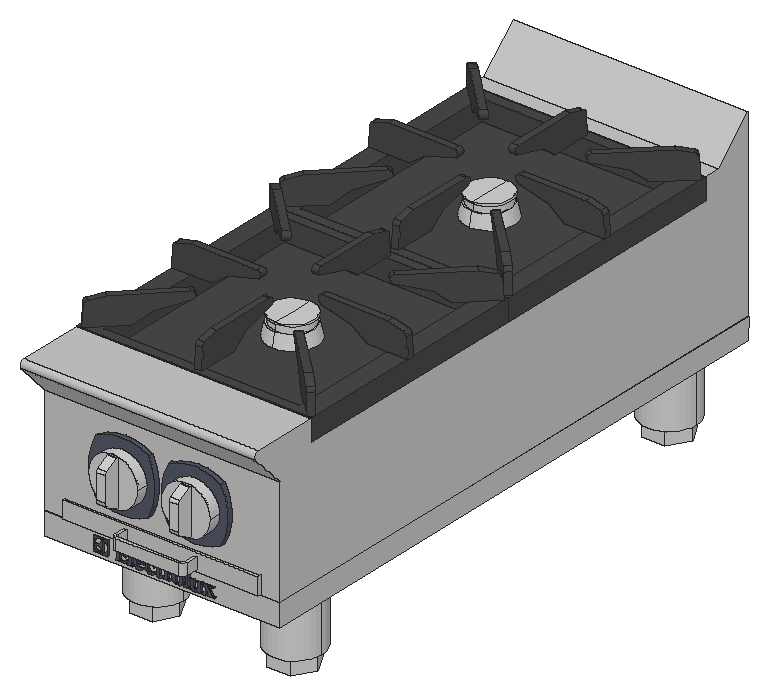
Revit family "QF_ELECTROLUXPROFESSIONAL_169130_ACG12T", category Specialty Equipment, Revit 2018
Family settings
  Round Connector Dimension = Use Diameter
  Part Type = Normal
  Work Plane-Based = No
  Always vertical = Yes
  Cut with Voids When Loaded = No
  Shared = Yes
  Room Calculation Point = No
Parameters
  Weight = "66 lbs."
  Watts = 0 W
  URL Manufacturer = "www.electrolux.com/foodservice"
  URL Cutsheet = "www.electrolux.com/foodservice"
  URL = "www.electrolux.com/foodservice"
  Type Mark [instance] = ""
  Type Comments = ""
  Status [instance] = ""
  Specification by User [instance] = ""
  Specification by Manufacturer = ""
  Show Logo [instance] = yes
  Show Clearance [instance] = yes
  Serial Number = ""
  Seismic Rating = ""
  SMACNA No = ""
  Revision Code [instance] = ""
  Omniclass Number and Title = ""
  NAFEM Spec ID Number = ""
  Model = "AGC12T"
  Mechanical Remarks [instance] = ""
  Mechanical Connection Type [instance] = ""
  MasterSpec. = ""
  Manufacturer = "ELECTROLUX"
  Item Number [instance] = ""
  Installed By [instance] = ""
  Identify Quantity as Lot [instance] = yes
  HP = "0 HP"
  Gas Size = 3/4"
  Gas RI Height [instance] = 0"
  Gas RI Connection Height [instance] = 7 9/16"
  Gas KW = 19
  Gas Input = 65000.0 Btu/h
  Furnished By [instance] = ""
  Foodservice Equipment Identifier [instance] = yes
  Direct Waste Size = 0"
  Description = "2 Open Gas Burner Top 12\" with Thermocouples"
  CSI MasterFormat = ""
  CSI Master Format = ""
Reference planes (in)
  plane 1 "BACK": y = 0
  plane 2: z = 0
  plane 3 "LEFT": x = 0
  plane 4 "RIGHT": x = 12.00787
  plane 5 "FRONT": y = -31.49658
  plane 6 "TOP": z = 14.625
  plane 7: x = 6
Forms (in)
  Extrusion 1, solid, material "QF_Finishes_Stainless Steel"
    sketch origin (0, 0, 0) x (0, 1, 0) y (0, 0, 1)
      loop
        arc (-31.25479, 12.8739) -> (-31.47376, 12.73038) -> (-31.42952, 12.47232) r 0.23881
        line (-31.42952, 12.47232) -> (-29.92264, 10.85467) -> (-29.92264, 5.3439) -> (0, 5.3439) -> (0, 14.64456) -> (-1.88863, 12.87587) -> (-2.73705, 12.87587) -> (-2.73705, 11.78131) -> (-27.90975, 11.78131) -> (-27.90964, 12.8739) -> (-31.25479, 12.8739)
      loop
        line (-29.92264, 5.30453) -> (-29.92264, 4.1875) -> (0, 4.1875) -> (0, 5.28228) -> (-29.92264, 5.30453)
    from 0 to 12
  Extrusion 2, solid, material "QF_Finishes_Handrails and Railings"
    sketch origin (0, -0.11377, 0) x (1, 0, 0) y (0, 1, 0)
      loop
        line (3.07085, -24.73494) -> (1.88975, -24.73494) -> (1.2992, -25.75781) -> (1.88975, -26.78067) -> (3.07085, -26.78067) -> (3.6614, -25.75781) -> (3.07085, -24.73494)
    from 0 to 0.78729
  Revolve 3, solid, material "QF_Finishes_Handrails and Railings"
    sketch origin (0, -25.87158, 0) x (1, 0, 0) y (0, 0, 1)
      loop
        line (2.4803, 0.78729) -> (2.4803, 4.1875) -> (1.10235, 4.1875) -> (1.10235, 0.78729) -> (2.4803, 0.78729)
      axis (2.4803, 4.1875) -> (2.4803, 0.78729)
    angle from 0 to 360
  Extrusion 4, solid, material "QF_Finishes_Handrails and Railings"
    sketch origin (7.04727, -0.11377, 0) x (1, 0, 0) y (0, 1, 0)
      loop
        line (3.07085, -24.73494) -> (1.88975, -24.73494) -> (1.2992, -25.75781) -> (1.88975, -26.78067) -> (3.07085, -26.78067) -> (3.6614, -25.75781) -> (3.07085, -24.73494)
    from 0 to 0.78729
  Revolve 5, solid, material "QF_Finishes_Handrails and Railings"
    sketch origin (7.04727, -25.87158, 0) x (1, 0, 0) y (0, 0, 1)
      loop
        line (2.4803, 0.78729) -> (2.4803, 4.1875) -> (1.10235, 4.1875) -> (1.10235, 0.78729) -> (2.4803, 0.78729)
      axis (2.4803, 4.1875) -> (2.4803, 0.78729)
    angle from 0 to 360
  Extrusion 6, solid, material "QF_Finishes_Handrails and Railings"
    sketch origin (0, 23.82031, 0) x (1, 0, 0) y (0, 1, 0)
      loop
        line (3.07085, -24.73494) -> (1.88975, -24.73494) -> (1.2992, -25.75781) -> (1.88975, -26.78067) -> (3.07085, -26.78067) -> (3.6614, -25.75781) -> (3.07085, -24.73494)
    from 0 to 0.78729
  Revolve 7, solid, material "QF_Finishes_Handrails and Railings"
    sketch origin (0, -1.9375, 0) x (1, 0, 0) y (0, 0, 1)
      loop
        line (2.4803, 0.78729) -> (2.4803, 4.1875) -> (1.10235, 4.1875) -> (1.10235, 0.78729) -> (2.4803, 0.78729)
      axis (2.4803, 4.1875) -> (2.4803, 0.78729)
    angle from 0 to 360
  Extrusion 8, solid, material "QF_Finishes_Handrails and Railings"
    sketch origin (7.04727, 23.82031, 0) x (1, 0, 0) y (0, 1, 0)
      loop
        line (3.07085, -24.73494) -> (1.88975, -24.73494) -> (1.2992, -25.75781) -> (1.88975, -26.78067) -> (3.07085, -26.78067) -> (3.6614, -25.75781) -> (3.07085, -24.73494)
    from 0 to 0.78729
  Revolve 9, solid, material "QF_Finishes_Handrails and Railings"
    sketch origin (7.04727, -1.9375, 0) x (1, 0, 0) y (0, 0, 1)
      loop
        line (2.4803, 0.78729) -> (2.4803, 4.1875) -> (1.10235, 4.1875) -> (1.10235, 0.78729) -> (2.4803, 0.78729)
      axis (2.4803, 4.1875) -> (2.4803, 0.78729)
    angle from 0 to 360
  Extrusion 10, solid, material "QF_Finishes_Black"
    sketch origin (0, 0, 0.87587) x (1, 0, 0) y (0, 1, 0)
      loop
        line (0, -2.73705) -> (0, -15.30609) -> (12, -15.30609) -> (12, -2.73705) -> (0, -2.73705)
      loop
        line (11.02362, -3.25097) -> (1.00352, -3.25097) -> (1.00352, -14.81396) -> (11.02362, -14.81396) -> (11.02362, -3.25097)
    from 10.90544 to 12
  Extrusion 11, solid, material "QF_Finishes_Black"
    sketch origin (0, -12.5853, 0.87587) x (1, 0, 0) y (0, 1, 0)
      loop
        line (0, -2.73705) -> (0, -15.30609) -> (12, -15.30609) -> (12, -2.73705) -> (0, -2.73705)
      loop
        line (11.02362, -3.25097) -> (1.00352, -3.25097) -> (1.00352, -14.81396) -> (11.02362, -14.81396) -> (11.02362, -3.25097)
    from 10.90544 to 12
  Extrusion 12, solid, material "QF_Finishes_Black"
    sketch origin (0, 0, 0.87587) x (1, 0, 0) y (0, 0, 1)
      loop
        line (11.03315, 13.42509) -> (7.66123, 13.42509)
        arc (7.66123, 13.42509) -> (7.46568, 13.25445) -> (7.60826, 13.03759) r 0.19737
        line (7.60826, 13.03759) -> (9.18152, 12.59928) -> (9.9716, 12) -> (12.01256, 12) -> (11.95626, 13.03934)
        arc (11.95626, 13.03934) -> (11.91054, 13.15724) -> (11.80402, 13.2254) r 0.20358
        line (11.80402, 13.2254) -> (11.03315, 13.42509)
    from 8.86514 to 9.19979
  Extrusion 13, solid, material "QF_Finishes_Black"
    sketch origin (12, 0, 0.87587) x (-1, 0, 0) y (0, 0, -1)
      loop
        line (11.03315, -13.42509) -> (11.80402, -13.2254)
        arc (11.80402, -13.2254) -> (11.91054, -13.15724) -> (11.95626, -13.03934) r 0.20358
        line (11.95626, -13.03934) -> (12.01256, -12) -> (9.9716, -12) -> (9.18152, -12.59928) -> (7.60826, -13.03759)
        arc (7.60826, -13.03759) -> (7.46568, -13.25445) -> (7.66123, -13.42509) r 0.19737
        line (7.66123, -13.42509) -> (11.03315, -13.42509)
    from 8.86514 to 9.19979
  Extrusion 14, solid, material "QF_Finishes_Black"
    sketch origin (15.0275, -5.00709, 0.87587) x (-0.707107, 0.707107, 0) y (0, 0, -1)
      loop
        line (11.03315, -13.42509) -> (11.80402, -13.2254)
        arc (11.80402, -13.2254) -> (11.91054, -13.15724) -> (11.95626, -13.03934) r 0.20358
        line (11.95626, -13.03934) -> (12.01256, -12) -> (9.9716, -12) -> (9.18152, -12.59928) -> (7.60826, -13.03759)
        arc (7.60826, -13.03759) -> (7.46568, -13.25445) -> (7.66123, -13.42509) r 0.19737
        line (7.66123, -13.42509) -> (11.03315, -13.42509)
    from 8.86514 to 9.19979
  Extrusion 15, solid, material "QF_Finishes_Black"
    sketch origin (-3.0275, -5.00709, 0.87587) x (0.707107, 0.707107, 0) y (0, 0, 1)
      loop
        line (11.03315, 13.42509) -> (7.66123, 13.42509)
        arc (7.66123, 13.42509) -> (7.46568, 13.25445) -> (7.60826, 13.03759) r 0.19737
        line (7.60826, 13.03759) -> (9.18152, 12.59928) -> (9.9716, 12) -> (12.01256, 12) -> (11.95626, 13.03934)
        arc (11.95626, 13.03934) -> (11.91054, 13.15724) -> (11.80402, 13.2254) r 0.20358
        line (11.80402, 13.2254) -> (11.03315, 13.42509)
    from 8.86514 to 9.19979
  Extrusion 16, solid, material "QF_Finishes_Black"
    sketch origin (15.0275, -13.05784, 0.87587) x (-0.707107, -0.707107, 0) y (0, 0, 1)
      loop
        line (11.03315, 13.42509) -> (7.66123, 13.42509)
        arc (7.66123, 13.42509) -> (7.46568, 13.25445) -> (7.60826, 13.03759) r 0.19737
        line (7.60826, 13.03759) -> (9.18152, 12.59928) -> (9.9716, 12) -> (12.01256, 12) -> (11.95626, 13.03934)
        arc (11.95626, 13.03934) -> (11.91054, 13.15724) -> (11.80402, 13.2254) r 0.20358
        line (11.80402, 13.2254) -> (11.03315, 13.42509)
    from 8.86514 to 9.19979
  Extrusion 17, solid, material "QF_Finishes_Black"
    sketch origin (-3.0275, -13.05784, 0.87587) x (0.707107, -0.707107, 0) y (0, 0, -1)
      loop
        line (11.03315, -13.42509) -> (11.80402, -13.2254)
        arc (11.80402, -13.2254) -> (11.91054, -13.15724) -> (11.95626, -13.03934) r 0.20358
        line (11.95626, -13.03934) -> (12.01256, -12) -> (9.9716, -12) -> (9.18152, -12.59928) -> (7.60826, -13.03759)
        arc (7.60826, -13.03759) -> (7.46568, -13.25445) -> (7.66123, -13.42509) r 0.19737
        line (7.66123, -13.42509) -> (11.03315, -13.42509)
    from 8.86514 to 9.19979
  Revolve 18, solid, material "QF_Finishes_Handrails and Railings"
    sketch origin (6, 12.54137, 0.87587) x (0, 1, 0) y (0, 0, 1)
      loop
        line (-21.57384, 12.02311) -> (-21.57384, 10.90544) -> (-20.31076, 10.90544) -> (-20.47945, 11.5802) -> (-20.54501, 11.5802) -> (-20.54501, 11.93953) -> (-20.47945, 11.93953) -> (-20.47945, 12.02311) -> (-21.57384, 12.02311)
      axis (-21.57384, 12.02311) -> (-21.57384, 10.90544)
    angle from 0 to 360
  Extrusion 19, solid, material "QF_Finishes_Black"
    sketch origin (0, -12.58301, 0.87587) x (1, 0, 0) y (0, 0, 1)
      loop
        line (11.03315, 13.42509) -> (7.66123, 13.42509)
        arc (7.66123, 13.42509) -> (7.46568, 13.25445) -> (7.60826, 13.03759) r 0.19737
        line (7.60826, 13.03759) -> (9.18152, 12.59928) -> (9.9716, 12) -> (12.01256, 12) -> (11.95626, 13.03934)
        arc (11.95626, 13.03934) -> (11.91054, 13.15724) -> (11.80402, 13.2254) r 0.20358
        line (11.80402, 13.2254) -> (11.03315, 13.42509)
    from 8.86514 to 9.19979
  Extrusion 20, solid, material "QF_Finishes_Black"
    sketch origin (12, -12.58301, 0.87587) x (-1, 0, 0) y (0, 0, -1)
      loop
        line (11.03315, -13.42509) -> (11.80402, -13.2254)
        arc (11.80402, -13.2254) -> (11.91054, -13.15724) -> (11.95626, -13.03934) r 0.20358
        line (11.95626, -13.03934) -> (12.01256, -12) -> (9.9716, -12) -> (9.18152, -12.59928) -> (7.60826, -13.03759)
        arc (7.60826, -13.03759) -> (7.46568, -13.25445) -> (7.66123, -13.42509) r 0.19737
        line (7.66123, -13.42509) -> (11.03315, -13.42509)
    from 8.86514 to 9.19979
  Extrusion 21, solid, material "QF_Finishes_Black"
    sketch origin (15.0275, -17.5901, 0.87587) x (-0.707107, 0.707107, 0) y (0, 0, -1)
      loop
        line (11.03315, -13.42509) -> (11.80402, -13.2254)
        arc (11.80402, -13.2254) -> (11.91054, -13.15724) -> (11.95626, -13.03934) r 0.20358
        line (11.95626, -13.03934) -> (12.01256, -12) -> (9.9716, -12) -> (9.18152, -12.59928) -> (7.60826, -13.03759)
        arc (7.60826, -13.03759) -> (7.46568, -13.25445) -> (7.66123, -13.42509) r 0.19737
        line (7.66123, -13.42509) -> (11.03315, -13.42509)
    from 8.86514 to 9.19979
  Extrusion 22, solid, material "QF_Finishes_Black"
    sketch origin (-3.0275, -17.5901, 0.87587) x (0.707107, 0.707107, 0) y (0, 0, 1)
      loop
        line (11.03315, 13.42509) -> (7.66123, 13.42509)
        arc (7.66123, 13.42509) -> (7.46568, 13.25445) -> (7.60826, 13.03759) r 0.19737
        line (7.60826, 13.03759) -> (9.18152, 12.59928) -> (9.9716, 12) -> (12.01256, 12) -> (11.95626, 13.03934)
        arc (11.95626, 13.03934) -> (11.91054, 13.15724) -> (11.80402, 13.2254) r 0.20358
        line (11.80402, 13.2254) -> (11.03315, 13.42509)
    from 8.86514 to 9.19979
  Extrusion 23, solid, material "QF_Finishes_Black"
    sketch origin (15.0275, -25.64085, 0.87587) x (-0.707107, -0.707107, 0) y (0, 0, 1)
      loop
        line (11.03315, 13.42509) -> (7.66123, 13.42509)
        arc (7.66123, 13.42509) -> (7.46568, 13.25445) -> (7.60826, 13.03759) r 0.19737
        line (7.60826, 13.03759) -> (9.18152, 12.59928) -> (9.9716, 12) -> (12.01256, 12) -> (11.95626, 13.03934)
        arc (11.95626, 13.03934) -> (11.91054, 13.15724) -> (11.80402, 13.2254) r 0.20358
        line (11.80402, 13.2254) -> (11.03315, 13.42509)
    from 8.86514 to 9.19979
  Extrusion 24, solid, material "QF_Finishes_Black"
    sketch origin (-3.0275, -25.64085, 0.87587) x (0.707107, -0.707107, 0) y (0, 0, -1)
      loop
        line (11.03315, -13.42509) -> (11.80402, -13.2254)
        arc (11.80402, -13.2254) -> (11.91054, -13.15724) -> (11.95626, -13.03934) r 0.20358
        line (11.95626, -13.03934) -> (12.01256, -12) -> (9.9716, -12) -> (9.18152, -12.59928) -> (7.60826, -13.03759)
        arc (7.60826, -13.03759) -> (7.46568, -13.25445) -> (7.66123, -13.42509) r 0.19737
        line (7.66123, -13.42509) -> (11.03315, -13.42509)
    from 8.86514 to 9.19979
  Revolve 25, solid, material "QF_Finishes_Handrails and Railings"
    sketch origin (6, -0.04163, 0.87587) x (0, 1, 0) y (0, 0, 1)
      loop
        line (-21.57384, 12.02311) -> (-21.57384, 10.90544) -> (-20.31076, 10.90544) -> (-20.47945, 11.5802) -> (-20.54501, 11.5802) -> (-20.54501, 11.93953) -> (-20.47945, 11.93953) -> (-20.47945, 12.02311) -> (-21.57384, 12.02311)
      axis (-21.57384, 12.02311) -> (-21.57384, 10.90544)
    angle from 0 to 360
  Extrusion 26, solid, material "Navy Blue"
    sketch origin (0, 0, 0) x (1, 0, 0) y (0, 0, 1)
      loop
        arc (6.50574, 9.87065) -> (6.16818, 8.46518) -> (6.50574, 7.05971) r 3.09468
        arc (6.50574, 7.05971) -> (7.85673, 6.69495) -> (9.20772, 7.05971) r 2.68427
        arc (9.20772, 7.05971) -> (9.54528, 8.46518) -> (9.20772, 9.87065) r 3.09468
        arc (9.20772, 9.87065) -> (7.85673, 10.23541) -> (6.50574, 9.87065) r 2.68427
    from 29.92264 to 30.17272
  Extrusion 27, solid, material "QF_Finishes_Handrails and Railings"
    sketch origin (0, 0, 0) x (1, 0, 0) y (0, 0, 1)
      loop
        circle (7.85673, 8.46518) r 1.25
    from 30.17272 to 30.7208
  Extrusion 28, solid, material "QF_Finishes_Handrails and Railings"
    sketch origin (0, -0.08156, 0) x (0, 1, 0) y (0, 0, 1)
      loop
        line (-30.7208, 9.61954) -> (-31.32961, 9.27409)
        arc (-31.32961, 9.27409) -> (-31.39236, 9.21203) -> (-31.41533, 9.12681) r 0.16924
        line (-31.41533, 9.12681) -> (-31.41471, 7.86711)
        arc (-31.41471, 7.86711) -> (-31.37661, 7.72631) -> (-31.27282, 7.62384) r 0.27972
        line (-31.27282, 7.62384) -> (-30.7208, 7.31125) -> (-30.63924, 7.31125) -> (-30.63924, 9.61954) -> (-30.7208, 9.61954)
    from 7.63866 to 8.09484
  Extrusion 29, solid, material "Navy Blue"
    sketch origin (12, 0, 0) x (-1, 0, 0) y (0, 0, -1)
      loop
        arc (6.50574, -9.87065) -> (7.85673, -10.23541) -> (9.20772, -9.87065) r 2.68427
        arc (9.20772, -9.87065) -> (9.54528, -8.46518) -> (9.20772, -7.05971) r 3.09468
        arc (9.20772, -7.05971) -> (7.85673, -6.69495) -> (6.50574, -7.05971) r 2.68427
        arc (6.50574, -7.05971) -> (6.16818, -8.46518) -> (6.50574, -9.87065) r 3.09468
    from 29.92264 to 30.17272
  Extrusion 30, solid, material "QF_Finishes_Handrails and Railings"
    sketch origin (12, 0, 0) x (-1, 0, 0) y (0, 0, -1)
      loop
        circle (7.85673, -8.46518) r 1.25
    from 30.17272 to 30.7208
  Extrusion 31, solid, material "QF_Finishes_Handrails and Railings"
    sketch origin (12, -0.08156, 0) x (0, 1, 0) y (0, 0, -1)
      loop
        line (-30.7208, -9.61954) -> (-30.63924, -9.61954) -> (-30.63924, -7.31125) -> (-30.7208, -7.31125) -> (-31.27282, -7.62384)
        arc (-31.27282, -7.62384) -> (-31.37661, -7.72631) -> (-31.41471, -7.86711) r 0.27972
        line (-31.41471, -7.86711) -> (-31.41533, -9.12681)
        arc (-31.41533, -9.12681) -> (-31.39236, -9.21203) -> (-31.32961, -9.27409) r 0.16924
        line (-31.32961, -9.27409) -> (-30.7208, -9.61954)
    from 7.63866 to 8.09484
  Extrusion 32, solid, material "QF_Finishes_Stainless Steel"
    sketch origin (0, 0, 0) x (1, 0, 0) y (0, 0, 1)
      loop
        line (1, 5.3439) -> (11.00787, 5.3439) -> (11.00787, 6.23559) -> (1, 6.23559) -> (1, 5.3439)
    from 29.92264 to 30.06107
  Extrusion 33, solid, material "QF_Finishes_Stainless Steel"
    sketch origin (0, 0, 0) x (1, 0, 0) y (0, 1, 0)
      loop
        line (4.14807, -30.06107) -> (4.14807, -30.63839)
        arc (4.14807, -30.63839) -> (4.2213, -30.81517) -> (4.39807, -30.88839) r 0.25
        line (4.39807, -30.88839) -> (7.60673, -30.88839)
        arc (7.60673, -30.88839) -> (7.78351, -30.81517) -> (7.85673, -30.63839) r 0.25
        line (7.85673, -30.63839) -> (7.85673, -30.06107) -> (7.73173, -30.06107) -> (7.73173, -30.63839)
        arc (7.73173, -30.63839) -> (7.69512, -30.72678) -> (7.60673, -30.76339) r 0.125
        line (7.60673, -30.76339) -> (4.39807, -30.76339)
        arc (4.39807, -30.76339) -> (4.30968, -30.72678) -> (4.27307, -30.63839) r 0.125
        line (4.27307, -30.63839) -> (4.27307, -30.06107) -> (4.14807, -30.06107)
    from 5.46007 to 6.02609
  Extrusion 34, solid, material "QF_Finishes_Black"
    sketch origin (15.03247, -15.61547, 0.87587) x (0, -1, 0) y (0, 0, 1)
      loop
        line (11.03315, 13.42509) -> (7.66123, 13.42509)
        arc (7.66123, 13.42509) -> (7.46568, 13.25445) -> (7.60826, 13.03759) r 0.19737
        line (7.60826, 13.03759) -> (9.18152, 12.59928) -> (9.9716, 12) -> (12.01256, 12) -> (11.95626, 13.03934)
        arc (11.95626, 13.03934) -> (11.91054, 13.15724) -> (11.80402, 13.2254) r 0.20358
        line (11.80402, 13.2254) -> (11.03315, 13.42509)
    from 8.86514 to 9.19979
  Extrusion 35, solid, material "QF_Finishes_Black"
    sketch origin (15.03247, -27.61547, 0.87587) x (0, 1, 0) y (0, 0, -1)
      loop
        line (11.03315, -13.42509) -> (11.80402, -13.2254)
        arc (11.80402, -13.2254) -> (11.91054, -13.15724) -> (11.95626, -13.03934) r 0.20358
        line (11.95626, -13.03934) -> (12.01256, -12) -> (9.9716, -12) -> (9.18152, -12.59928) -> (7.60826, -13.03759)
        arc (7.60826, -13.03759) -> (7.46568, -13.25445) -> (7.66123, -13.42509) r 0.19737
        line (7.66123, -13.42509) -> (11.03315, -13.42509)
    from 8.86514 to 9.19979
  Extrusion 36, solid, material "QF_Finishes_Black"
    sketch origin (15.03247, -3.03247, 0.87587) x (0, -1, 0) y (0, 0, 1)
      loop
        line (11.03315, 13.42509) -> (7.66123, 13.42509)
        arc (7.66123, 13.42509) -> (7.46568, 13.25445) -> (7.60826, 13.03759) r 0.19737
        line (7.60826, 13.03759) -> (9.18152, 12.59928) -> (9.9716, 12) -> (12.01256, 12) -> (11.95626, 13.03934)
        arc (11.95626, 13.03934) -> (11.91054, 13.15724) -> (11.80402, 13.2254) r 0.20358
        line (11.80402, 13.2254) -> (11.03315, 13.42509)
    from 8.86514 to 9.19979
  Extrusion 37, solid, material "QF_Finishes_Black"
    sketch origin (15.03247, -15.03247, 0.87587) x (0, 1, 0) y (0, 0, -1)
      loop
        line (11.03315, -13.42509) -> (11.80402, -13.2254)
        arc (11.80402, -13.2254) -> (11.91054, -13.15724) -> (11.95626, -13.03934) r 0.20358
        line (11.95626, -13.03934) -> (12.01256, -12) -> (9.9716, -12) -> (9.18152, -12.59928) -> (7.60826, -13.03759)
        arc (7.60826, -13.03759) -> (7.46568, -13.25445) -> (7.66123, -13.42509) r 0.19737
        line (7.66123, -13.42509) -> (11.03315, -13.42509)
    from 8.86514 to 9.19979
  Extrusion 38, solid, material "Navy Blue", visible <- "Show Logo"
    sketch origin (-19.91497, 15.97722, -64.54174) x (1, 0, 0) y (0, 0, 1)
      loop
        line (22.92786, 69.6462) -> (22.92786, 68.97238)
        arc (22.92786, 68.97238) -> (23.17694, 69.30929) -> (22.92786, 69.6462) r 0.35239
      loop
        arc (22.89359, 69.6462) -> (22.61337, 69.58251) -> (22.47836, 69.32883) r 0.34534
        line (22.47836, 69.32883) -> (22.58983, 69.32883)
        arc (22.58983, 69.32883) -> (22.78898, 69.40966) -> (22.89359, 69.59741) r 0.32369
        line (22.89359, 69.59741) -> (22.89359, 69.6462)
      loop
        arc (22.89359, 69.02118) -> (22.78898, 69.20892) -> (22.58983, 69.28976) r 0.32369
        line (22.58983, 69.28976) -> (22.47836, 69.28976)
        arc (22.47836, 69.28976) -> (22.61314, 69.03398) -> (22.89359, 68.96373) r 0.35438
        line (22.89359, 68.96373) -> (22.89359, 69.02118)
      loop
        line (22.45278, 69.68297) -> (22.45278, 68.93408) -> (23.20268, 68.93408) -> (23.20268, 69.68297) -> (22.45278, 69.68297)
      loop
        line (23.57392, 69.68753) -> (23.57392, 69.6483)
        arc (23.57392, 69.6483) -> (23.62149, 69.63495) -> (23.64661, 69.59241) r 0.06626
        line (23.64661, 69.59241) -> (23.64661, 69.02506)
        arc (23.64661, 69.02506) -> (23.62256, 68.98016) -> (23.57396, 68.96488) r 0.06745
        line (23.57396, 68.96488) -> (23.57396, 68.92937) -> (24.14289, 68.92937) -> (24.14289, 69.07925) -> (24.094, 69.07925)
        arc (24.094, 69.07925) -> (24.0624, 69.02972) -> (24.00915, 69.0049) r 0.10503
        line (24.00915, 69.0049) -> (23.87299, 69.0049)
        arc (23.87299, 69.0049) -> (23.83329, 69.01991) -> (23.81345, 69.05743) r 0.06
        line (23.81345, 69.05743) -> (23.81345, 69.28009) -> (24.01361, 69.28009)
        arc (24.01361, 69.28009) -> (24.04135, 69.26003) -> (24.05328, 69.22795) r 0.05899
        line (24.05328, 69.22795) -> (24.08489, 69.22795) -> (24.08489, 69.40532) -> (24.05328, 69.40532)
        arc (24.05328, 69.40532) -> (24.04135, 69.37324) -> (24.01361, 69.35319) r 0.05899
        line (24.01361, 69.35319) -> (23.81345, 69.35319) -> (23.81345, 69.60803) -> (24.01764, 69.60803)
        arc (24.01764, 69.60803) -> (24.06367, 69.59288) -> (24.08951, 69.55188) r 0.07161
        line (24.08951, 69.55188) -> (24.12389, 69.55188) -> (24.12389, 69.68753) -> (23.57392, 69.68753)
      loop
        line (24.19687, 69.68753) -> (24.19687, 69.65098)
        arc (24.19687, 69.65098) -> (24.24558, 69.63081) -> (24.26576, 69.58209) r 0.06889
        line (24.26576, 69.58209) -> (24.26576, 69.05632)
        arc (24.26576, 69.05632) -> (24.24416, 69.00892) -> (24.19421, 68.99412) r 0.06281
        line (24.19421, 68.99412) -> (24.19421, 68.92937) -> (24.48487, 68.92937) -> (24.48487, 68.99412)
        arc (24.48487, 68.99412) -> (24.43492, 69.00892) -> (24.41332, 69.05632) r 0.06281
        line (24.41332, 69.05632) -> (24.41332, 69.71411) -> (24.19687, 69.68753)
      loop
        line (24.67774, 69.1307) -> (24.67774, 69.19988) -> (25.02902, 69.19988) -> (25.02902, 69.24342)
        arc (25.02902, 69.24342) -> (24.97537, 69.38403) -> (24.8417, 69.45315) r 0.21106
        line (24.8417, 69.45315) -> (24.74575, 69.45315)
        arc (24.74575, 69.45315) -> (24.58967, 69.3885) -> (24.52503, 69.23242) r 0.22073
        line (24.52503, 69.23242) -> (24.52503, 69.123)
        arc (24.52503, 69.123) -> (24.60594, 68.96944) -> (24.76978, 68.91213) r 0.23712
        arc (24.76978, 68.91213) -> (24.904, 68.93198) -> (25.01703, 69.00704) r 0.31131
        line (25.01703, 69.00704) -> (25.01703, 69.05875)
        arc (25.01703, 69.05875) -> (24.93153, 69.01883) -> (24.83791, 69.00704) r 0.304
        arc (24.83791, 69.00704) -> (24.73948, 69.04304) -> (24.68203, 69.1307) r 0.16658
      loop
        line (24.67774, 69.2685) -> (24.88387, 69.2685) -> (24.88387, 69.31067)
        arc (24.88387, 69.31067) -> (24.8636, 69.36636) -> (24.81228, 69.39599) r 0.08663
        line (24.81228, 69.39599) -> (24.7671, 69.39599)
        arc (24.7671, 69.39599) -> (24.69868, 69.34888) -> (24.67774, 69.2685) r 0.11901
      loop
        arc (25.57907, 69.42057) -> (25.48785, 69.4472) -> (25.39322, 69.45579) r 0.49163
        line (25.39322, 69.45579) -> (25.31898, 69.45579)
        arc (25.31898, 69.45579) -> (25.16644, 69.39261) -> (25.10326, 69.24007) r 0.21572
        line (25.10326, 69.24007) -> (25.10326, 69.09839)
        arc (25.10326, 69.09839) -> (25.1737, 68.97407) -> (25.30297, 68.91318) r 0.23599
        line (25.30297, 68.91318) -> (25.41932, 68.91318)
        arc (25.41932, 68.91318) -> (25.51994, 68.94946) -> (25.60259, 69.01736) r 0.31449
        line (25.60259, 69.01736) -> (25.60259, 69.06672) -> (25.56735, 69.06672)
        arc (25.56735, 69.06672) -> (25.51758, 69.02418) -> (25.45391, 69.00888) r 0.14017
        line (25.45391, 69.00888) -> (25.37135, 69.00888)
        arc (25.37135, 69.00888) -> (25.28191, 69.06369) -> (25.2469, 69.16257) r 0.15712
        line (25.2469, 69.16257) -> (25.2469, 69.23224)
        arc (25.2469, 69.23224) -> (25.27742, 69.33147) -> (25.36813, 69.38195) r 0.13914
        line (25.36813, 69.38195) -> (25.42553, 69.38195)
        arc (25.42553, 69.38195) -> (25.4982, 69.34763) -> (25.53993, 69.27894) r 0.13972
        line (25.53993, 69.27894) -> (25.57907, 69.27894) -> (25.57907, 69.42057)
      loop
        line (25.5938, 69.36509) -> (25.67558, 69.36509) -> (25.67558, 69.03555)
        arc (25.67558, 69.03555) -> (25.71142, 68.94902) -> (25.79795, 68.91318) r 0.12237
        line (25.79795, 68.91318) -> (25.88423, 68.91318)
        arc (25.88423, 68.91318) -> (25.95312, 68.94271) -> (26.00819, 68.99355) r 0.22123
        line (26.00819, 68.99355) -> (26.00819, 69.02847) -> (25.97122, 69.02847)
        arc (25.97122, 69.02847) -> (25.93052, 69.00759) -> (25.88479, 69.00888) r 0.09207
        arc (25.88479, 69.00888) -> (25.84186, 69.03838) -> (25.82533, 69.08778) r 0.08208
        line (25.82533, 69.08778) -> (25.82533, 69.36773) -> (25.95595, 69.36773) -> (25.98627, 69.39804) -> (25.98627, 69.44281) -> (25.83045, 69.44281) -> (25.83045, 69.61886) -> (25.5938, 69.36509)
      loop
        line (26.03517, 68.92504) -> (26.32868, 68.92504) -> (26.32868, 68.98552)
        arc (26.32868, 68.98552) -> (26.27686, 69.00698) -> (26.2554, 69.0588) r 0.07328
        line (26.2554, 69.0588) -> (26.2554, 69.25583)
        arc (26.2554, 69.25583) -> (26.28765, 69.29749) -> (26.33792, 69.31327) r 0.088
        line (26.33792, 69.31327) -> (26.42268, 69.31327) -> (26.46, 69.45253) -> (26.38466, 69.45253)
        arc (26.38466, 69.45253) -> (26.3098, 69.42153) -> (26.2788, 69.34667) r 0.10586
        line (26.2788, 69.34667) -> (26.24521, 69.34667) -> (26.24521, 69.44913) -> (26.0346, 69.42699) -> (26.0346, 69.39208)
        arc (26.0346, 69.39208) -> (26.08292, 69.37113) -> (26.10845, 69.32506) r 0.08178
        line (26.10845, 69.32506) -> (26.10845, 69.0588)
        arc (26.10845, 69.0588) -> (26.08698, 69.00698) -> (26.03517, 68.98552) r 0.07328
        line (26.03517, 68.98552) -> (26.03517, 68.92504)
      loop
        line (26.4717, 69.2575) -> (26.4717, 69.11082)
        arc (26.4717, 69.11082) -> (26.54295, 68.97757) -> (26.68084, 68.91579) r 0.23366
        arc (26.68084, 68.91579) -> (26.75604, 68.91233) -> (26.83125, 68.91579) r 0.81853
        arc (26.83125, 68.91579) -> (26.96914, 68.97757) -> (27.04039, 69.11082) r 0.23366
        line (27.04039, 69.11082) -> (27.04039, 69.2575)
        arc (27.04039, 69.2575) -> (26.96914, 69.39075) -> (26.83125, 69.45253) r 0.23366
        arc (26.83125, 69.45253) -> (26.75604, 69.45599) -> (26.68084, 69.45253) r 0.81853
        arc (26.68084, 69.45253) -> (26.54295, 69.39075) -> (26.4717, 69.2575) r 0.23366
      loop
        line (26.64139, 69.26866) -> (26.64139, 69.09966)
        arc (26.64139, 69.09966) -> (26.75891, 68.98213) -> (26.87643, 69.09966) r 0.11752
        line (26.87643, 69.09966) -> (26.87643, 69.26866)
        arc (26.87643, 69.26866) -> (26.75891, 69.38619) -> (26.64139, 69.26866) r 0.11752
      loop
        line (27.08187, 69.68753) -> (27.08187, 69.64903)
        arc (27.08187, 69.64903) -> (27.13059, 69.62885) -> (27.15076, 69.58014) r 0.06889
        line (27.15076, 69.58014) -> (27.15076, 69.04265)
        arc (27.15076, 69.04265) -> (27.12916, 68.99525) -> (27.07922, 68.98045) r 0.06281
        line (27.07922, 68.98045) -> (27.07922, 68.92937) -> (27.36987, 68.92937) -> (27.36987, 68.98045)
        arc (27.36987, 68.98045) -> (27.31992, 68.99525) -> (27.29832, 69.04265) r 0.06281
        line (27.29832, 69.04265) -> (27.29832, 69.71411) -> (27.08187, 69.68753)
      loop
        arc (27.56578, 68.9189) -> (27.48158, 68.95913) -> (27.44739, 69.04596) r 0.12738
        line (27.44739, 69.04596) -> (27.44739, 69.31948)
        arc (27.44739, 69.31948) -> (27.42537, 69.36878) -> (27.37395, 69.38526) r 0.06618
        line (27.37395, 69.38526) -> (27.37395, 69.42631) -> (27.59762, 69.44982) -> (27.59762, 69.11219)
        arc (27.59762, 69.11219) -> (27.62174, 69.04935) -> (27.68172, 69.01879) r 0.09392
        arc (27.68172, 69.01879) -> (27.73752, 69.02275) -> (27.78856, 69.04565) r 0.16019
        line (27.78856, 69.04565) -> (27.78856, 69.32369)
        arc (27.78856, 69.32369) -> (27.76083, 69.36469) -> (27.71529, 69.38406) r 0.08743
        line (27.71529, 69.38406) -> (27.71529, 69.42692) -> (27.94433, 69.44294) -> (27.94433, 69.02604)
        arc (27.94433, 69.02604) -> (27.9585, 68.98878) -> (27.99384, 68.97036) r 0.05606
        line (27.99384, 68.97036) -> (27.99384, 68.92937) -> (27.8523, 68.92937)
        arc (27.8523, 68.92937) -> (27.81996, 68.94344) -> (27.80822, 68.97669) r 0.04419
        line (27.80822, 68.97669) -> (27.77574, 68.97669)
        arc (27.77574, 68.97669) -> (27.72, 68.93392) -> (27.65141, 68.91872) r 0.1623
        line (27.65141, 68.91872) -> (27.5689, 68.91872)
      loop
        line (27.99384, 69.43917) -> (27.99384, 69.40417)
        arc (27.99384, 69.40417) -> (28.05152, 69.38277) -> (28.10231, 69.34805) r 0.25223
        line (28.10231, 69.34805) -> (28.22795, 69.17511) -> (28.05838, 68.98679)
        arc (28.05838, 68.98679) -> (28.03693, 68.97387) -> (28.01192, 68.97509) r 0.04299
        line (28.01192, 68.97509) -> (28.01192, 68.92937) -> (28.20509, 68.92937) -> (28.20509, 68.97439)
        arc (28.20509, 68.97439) -> (28.18534, 68.99304) -> (28.19035, 69.01974) r 0.02835
        line (28.19035, 69.01974) -> (28.27051, 69.11781) -> (28.34546, 69.00239)
        arc (28.34546, 69.00239) -> (28.32857, 68.98053) -> (28.30136, 68.97581) r 0.03815
        line (28.30136, 68.97581) -> (28.30136, 68.92937) -> (28.63046, 68.92937) -> (28.63046, 68.97768)
        arc (28.63046, 68.97768) -> (28.59456, 68.98133) -> (28.56559, 69.00285) r 0.06795
        line (28.56559, 69.00285) -> (28.38385, 69.23546) -> (28.48746, 69.35895)
        arc (28.48746, 69.35895) -> (28.53396, 69.39302) -> (28.59095, 69.40172) r 0.12107
        line (28.59095, 69.40172) -> (28.59095, 69.43917) -> (28.38306, 69.43917) -> (28.38306, 69.40172)
        arc (28.38306, 69.40172) -> (28.41038, 69.38848) -> (28.40759, 69.35825) r 0.02666
        line (28.40759, 69.35825) -> (28.33803, 69.27536) -> (28.27317, 69.36799)
        arc (28.27317, 69.36799) -> (28.28698, 69.39468) -> (28.31549, 69.40418) r 0.03992
        line (28.31549, 69.40418) -> (28.31549, 69.43917) -> (27.99384, 69.43917)
    from 45.89987 to 45.9727
  Extrusion 39, solid
    sketch origin (0, 0.50515, 0) x (1, 0, 0) y (0, 0, 1)
      loop
        circle (1.6875, 7.5625) r 0.375
    from -0.49485 to 0.50515
  Extrusion 40, solid, material "QF_Finishes_Clearance", visible <- "Show Clearance", detail levels coarse
    sketch origin (2.80868, 0.84181, 0) x (1, 0, 0) y (0, 1, 0)
      loop
        line (-12.80868, 3.15819) -> (-12.80868, -32.33839) -> (-2.80868, -32.33839) -> (-2.80868, -0.84181) -> (9.19919, -0.84181) -> (9.19919, -32.33839) -> (19.19919, -32.33839) -> (19.19919, 3.15819) -> (-12.80868, 3.15819)
    from 0 to 14.625
Lines and regions (in)
  symbolic lines
    curve 1: line (0, -31.49359, 0) -> (12, -31.49359, 0)
    curve 2: line (0, 0, 0) -> (0, -31.49359, 0)
    curve 3: line (12, 0, 0) -> (0, 0, 0)
    curve 4: line (12, -31.49359, 0) -> (12, 0, 0)
    curve 5: line (12, -1.88863, 0) -> (0, -1.88863, 0)
    curve 6: line (12, -2.73705, 0) -> (0, -2.73705, 0)
    curve 7: line (12, -15.30609, 0) -> (0, -15.30609, 0)
    curve 8: line (12, -27.90964, 0) -> (0, -27.90964, 0)
    curve 9: line (3.36344, -18.46325, 0) -> (0.26473, -15.36454, 0)
    curve 10: line (0.0281, -15.60117, 0) -> (3.12681, -18.69988, 0)
    curve 11: line (0.72065, -16.29371, 0) -> (0.95728, -16.05708, 0)
    curve 12: line (0.0281, -15.60117, 0) -> (0.26473, -15.36454, 0)
    curve 13: line (5.83268, -16.58232, 0) -> (6.16732, -16.58232, 0)
    curve 14: line (5.83268, -15.60291, 0) -> (6.16732, -15.60291, 0)
    curve 15: line (6.16732, -19.98486, 0) -> (6.16732, -15.60291, 0)
    curve 16: line (5.83268, -15.60291, 0) -> (5.83268, -19.98486, 0)
    curve 17: line (11.73527, -15.36454, 0) -> (8.6342, -18.4656, 0)
    curve 18: line (11.04272, -16.05708, 0) -> (11.27935, -16.29371, 0)
    curve 19: line (11.73527, -15.36454, 0) -> (11.9719, -15.60117, 0)
    curve 20: line (8.87083, -18.70223, 0) -> (11.9719, -15.60117, 0)
    curve 21: line (12.01256, -21.44815, 0) -> (7.62845, -21.44815, 0)
    curve 22: line (7.62845, -21.78279, 0) -> (12.01256, -21.78279, 0)
    curve 23: line (11.03315, -21.44815, 0) -> (11.03315, -21.78279, 0)
    curve 24: line (11.27935, -26.93723, 0) -> (11.04272, -27.17386, 0)
    curve 25: line (11.9719, -27.62978, 0) -> (8.87497, -24.53285, 0)
    curve 26: line (8.63834, -24.76948, 0) -> (11.73527, -27.86641, 0)
    curve 27: line (11.9719, -27.62978, 0) -> (11.73527, -27.86641, 0)
    curve 28: line (6.16732, -27.62803, 0) -> (6.16732, -23.25938, 0)
    curve 29: line (6.16732, -26.64862, 0) -> (5.83268, -26.64862, 0)
    curve 30: line (5.83268, -23.25938, 0) -> (5.83268, -27.62803, 0)
    curve 31: line (6.16732, -27.62803, 0) -> (5.83268, -27.62803, 0)
    curve 32: line (0.26473, -27.86641, 0) -> (3.37409, -24.75704, 0)
    curve 33: line (3.13746, -24.52041, 0) -> (0.0281, -27.62978, 0)
    curve 34: line (0.95728, -27.17386, 0) -> (0.72065, -26.93723, 0)
    curve 35: line (0.26473, -27.86641, 0) -> (0.0281, -27.62978, 0)
    curve 36: line (-0.01256, -21.78279, 0) -> (4.37462, -21.78279, 0)
    curve 37: line (4.37462, -21.44815, 0) -> (-0.01256, -21.44815, 0)
    curve 38: line (0.96685, -21.78279, 0) -> (0.96685, -21.44815, 0)
    curve 39: arc (7.62845, -21.44815, 0) -> (7.46113, -21.61547, 0) -> (7.62845, -21.78279, 0) r 0.16732
    curve 40: arc (8.6342, -18.4656, 0) -> (8.6342, -18.70223, 0) -> (8.87083, -18.70223, 0) r 0.16732
    curve 41: arc (5.83268, -19.98486, 0) -> (6, -20.15219, 0) -> (6.16732, -19.98486, 0) r 0.16732
    curve 42: arc (3.12681, -18.69988, 0) -> (3.36344, -18.69988, 0) -> (3.36344, -18.46325, 0) r 0.16732
    curve 43: arc (4.37462, -21.78279, 0) -> (4.54194, -21.61547, 0) -> (4.37462, -21.44815, 0) r 0.16732
    curve 44: arc (3.37409, -24.75704, 0) -> (3.37409, -24.52041, 0) -> (3.13746, -24.52041, 0) r 0.16732
    curve 45: arc (6.16732, -23.25938, 0) -> (6, -23.09206, 0) -> (5.83268, -23.25938, 0) r 0.16732
    curve 46: arc (8.87497, -24.53285, 0) -> (8.63834, -24.53285, 0) -> (8.63834, -24.76948, 0) r 0.16732
    curve 47: line (1.00352, -15.83627, 0) -> (1.00352, -16.10333, 0)
    curve 48: line (1.00352, -15.83627, 0) -> (5.83268, -15.83627, 0)
    curve 49: line (11.02362, -15.83627, 0) -> (6.16732, -15.83627, 0)
    curve 50: line (11.02362, -15.83627, 0) -> (11.02362, -16.07618, 0)
    curve 51: line (11.02362, -16.54944, 0) -> (11.02362, -21.44815, 0)
    curve 52: line (11.02362, -21.78279, 0) -> (11.02362, -26.6815, 0)
    curve 53: line (11.02362, -27.15476, 0) -> (11.02362, -27.39926, 0)
    curve 54: line (11.02362, -27.39926, 0) -> (6.16732, -27.39926, 0)
    curve 55: line (1.00352, -27.39926, 0) -> (5.83268, -27.39926, 0)
    curve 56: line (1.00352, -27.39926, 0) -> (1.00352, -27.12761, 0)
    curve 57: line (1.00352, -26.65435, 0) -> (1.00352, -21.78279, 0)
    curve 58: line (1.00352, -21.44815, 0) -> (1.00352, -16.57659, 0)
    curve 59: line (12, -15.3406, 0) -> (0, -15.3406, 0)
    curve 60: line (3.36344, -5.89421, 0) -> (0.26473, -2.7955, 0)
    curve 61: line (0.0281, -3.03213, 0) -> (3.12681, -6.13084, 0)
    curve 62: line (0.72065, -3.72468, 0) -> (0.95728, -3.48805, 0)
    curve 63: line (0.0281, -3.03213, 0) -> (0.26473, -2.7955, 0)
    curve 64: line (5.83268, -4.01328, 0) -> (6.16732, -4.01328, 0)
    curve 65: line (5.83268, -3.03387, 0) -> (6.16732, -3.03387, 0)
    curve 66: line (6.16732, -7.41582, 0) -> (6.16732, -3.03387, 0)
    curve 67: line (5.83268, -3.03387, 0) -> (5.83268, -7.41582, 0)
    curve 68: line (11.73527, -2.7955, 0) -> (8.6342, -5.89656, 0)
    curve 69: line (11.04272, -3.48805, 0) -> (11.27935, -3.72468, 0)
    curve 70: line (11.73527, -2.7955, 0) -> (11.9719, -3.03213, 0)
    curve 71: line (8.87083, -6.1332, 0) -> (11.9719, -3.03213, 0)
    curve 72: line (12.01256, -8.87911, 0) -> (7.62845, -8.87911, 0)
    curve 73: line (7.62845, -9.21376, 0) -> (12.01256, -9.21376, 0)
    curve 74: line (11.03315, -8.87911, 0) -> (11.03315, -9.21376, 0)
    curve 75: line (11.27935, -14.36819, 0) -> (11.04272, -14.60482, 0)
    curve 76: line (11.9719, -15.06074, 0) -> (8.87497, -11.96381, 0)
    curve 77: line (8.63834, -12.20044, 0) -> (11.73527, -15.29737, 0)
    curve 78: line (11.9719, -15.06074, 0) -> (11.73527, -15.29737, 0)
    curve 79: line (6.16732, -15.059, 0) -> (6.16732, -10.69035, 0)
    curve 80: line (6.16732, -14.07958, 0) -> (5.83268, -14.07958, 0)
    curve 81: line (5.83268, -10.69035, 0) -> (5.83268, -15.059, 0)
    curve 82: line (6.16732, -15.059, 0) -> (5.83268, -15.059, 0)
    curve 83: line (0.25601, -15.30609, 0) -> (3.37409, -12.18801, 0)
    curve 84: line (3.13746, -11.95137, 0) -> (0.0281, -15.06074, 0)
    curve 85: line (0.95728, -14.60482, 0) -> (0.72065, -14.36819, 0)
    curve 86: line (0.27345, -15.30609, 0) -> (0.0281, -15.06074, 0)
    curve 87: line (-0.01256, -9.21376, 0) -> (4.37462, -9.21376, 0)
    curve 88: line (4.37462, -8.87911, 0) -> (-0.01256, -8.87911, 0)
    curve 89: line (0.96685, -9.21376, 0) -> (0.96685, -8.87911, 0)
    curve 90: arc (7.62845, -8.87911, 0) -> (7.46113, -9.04643, 0) -> (7.62845, -9.21376, 0) r 0.16732
    curve 91: arc (8.6342, -5.89656, 0) -> (8.6342, -6.1332, 0) -> (8.87083, -6.1332, 0) r 0.16732
    curve 92: arc (5.83268, -7.41582, 0) -> (6, -7.58315, 0) -> (6.16732, -7.41582, 0) r 0.16732
    curve 93: arc (3.12681, -6.13084, 0) -> (3.36344, -6.13084, 0) -> (3.36344, -5.89421, 0) r 0.16732
    curve 94: arc (4.37462, -9.21376, 0) -> (4.54194, -9.04643, 0) -> (4.37462, -8.87911, 0) r 0.16732
    curve 95: arc (3.37409, -12.18801, 0) -> (3.37409, -11.95137, 0) -> (3.13746, -11.95137, 0) r 0.16732
    curve 96: arc (6.16732, -10.69035, 0) -> (6, -10.52302, 0) -> (5.83268, -10.69035, 0) r 0.16732
    curve 97: arc (8.87497, -11.96381, 0) -> (8.63834, -11.96381, 0) -> (8.63834, -12.20044, 0) r 0.16732
    curve 98: line (1.00352, -3.26724, 0) -> (1.00352, -3.53429, 0)
    curve 99: line (1.00352, -3.26724, 0) -> (5.83268, -3.26724, 0)
    curve 100: line (11.02362, -3.26724, 0) -> (6.16732, -3.26724, 0)
    curve 101: line (11.02362, -3.26724, 0) -> (11.02362, -3.50715, 0)
    curve 102: line (11.02362, -3.98041, 0) -> (11.02362, -8.87911, 0)
    curve 103: line (11.02362, -9.21376, 0) -> (11.02362, -14.11246, 0)
    curve 104: line (11.02362, -14.58572, 0) -> (11.02362, -14.83023, 0)
    curve 105: line (11.02362, -14.83023, 0) -> (6.16732, -14.83023, 0)
    curve 106: line (1.00352, -14.83023, 0) -> (5.83268, -14.83023, 0)
    curve 107: line (1.00352, -14.83023, 0) -> (1.00352, -14.55858, 0)
    curve 108: line (1.00352, -14.08531, 0) -> (1.00352, -9.21376, 0)
    curve 109: line (1.00352, -8.87911, 0) -> (1.00352, -4.00755, 0)
    curve 113: line (1.3125, 1, 0) -> (2.0625, 1, 0)
    curve 114: line (2.0625, 1, 0) -> (2.0625, 0, 0)
    curve 115: line (1.3125, 1, 0) -> (1.3125, 0, 0)
  symbolic lines, style "QF-Clearances", visible <- "Show Clearance", detail levels coarse
    curve 110: line (-10, 4, 0) -> (22.00787, 4, 0)
    curve 111: line (-10, 4, 0) -> (-10, -31.49658, 0)
    curve 112: line (22.00787, -31.49658, 0) -> (22.00787, 4, 0)
Dimensions and locks (in)
  locked: plane 3 "LEFT" to plane 4 "RIGHT" at 12.00787
  locked: plane 5 "FRONT" to plane 1 "BACK" at 31.49658
  plane 3 "LEFT" to plane 7 to plane 4 "RIGHT" = 6", 6.00787"
  plane 1 "BACK" to Extrusion 40 = 4"
  Extrusion 40 to plane 3 "LEFT" to plane 4 "RIGHT" to Extrusion 40 = 10", 12.00787", 10"
  plane 6 "TOP" to level = 14 5/8"
  plane 6 "TOP" to Extrusion 1 = 1.74913"
  Extrusion 39 to level = 7 9/16"
  Revolve 3 to level = 4 3/16"
  Extrusion 1 to Extrusion 1 = 8.68837"
  Extrusion 2 to plane 5 "FRONT" = 5 5/8"
  plane 1 "BACK" to Extrusion 6 = 1 15/16"
  aligned and locked: level to plane 2
Connectors (in)
  piping at (1.6875, 1, 7.5625), diameter 0.75
    settings: on Extrusion 39, index 1, connector inside diameter 3/4", connector length 0", flow factor 0, pipe flow 0 GPM, pressure drop 0.00 psi, fitting loss kfactor 0, connector angle 0.00°, fixture units 0, engagement length 0", angle of deflection 0.00°, flow configuration 1, flow direction 1, fitting loss method 0, system type 7, joint type 0, gender type 0, connector reference index -1, connector utility 0, adjustable connector no, is connector primary yes, connector description "Gas Connection"
